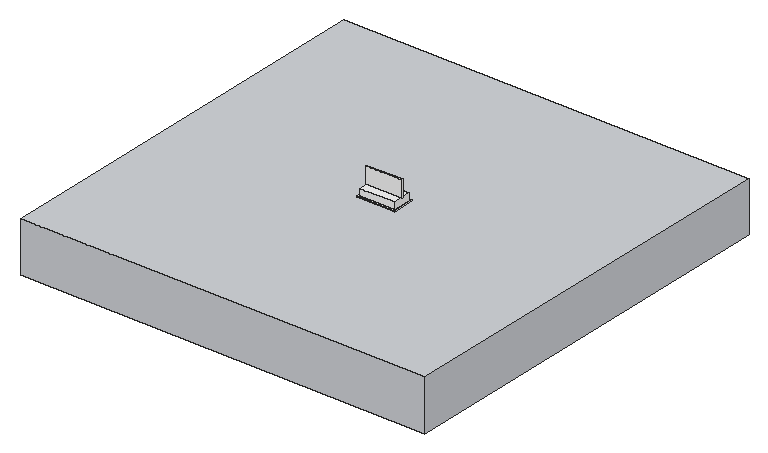
Revit family "URA_Eclairage_de_Securite_URAONE", category Luminaires, Revit 2020
Family settings
  Hôte = Face
  Cote de connecteur circulaire = Utiliser le diamètre
  Type d'élément = Normal
  Couper avec des vides une fois chargée = Non
  Source d'éclairage = Oui
  Partagée = Non
  Point de calcul de pièce = Non
Parameters (values of type "BAES URAONE EVAC ADR LEDS")
  built-in parameter 1150107 = 3000 (stored number, unit not read)
  TYPE_DE_TENSION = "CA"
  TYPE_DE_MONTAGE = "pose murale en saillie"
  TYPE_DE_COMMUTATION = "mode veille"
  TENSION_NOMINALE_(MIN) = "207"
  TENSION_NOMINALE_(MAX) = "253"
  SOURCE_LUMINEUSE = "LED non interchangeable"
  RESERVE_DE_MARCHE = "1"
  REF_BATTERIE_DE_RECHANGE = "111906"
  REFERENCE_PORTE PICTOGRAMME [instance] = if(PORTE PICTOGRAMME URAONE, 168202, 0)  # 168202
  REFERENCE_ENJOLIVEUR [instance] = if(NOMBRE_ENJOLIVEUR = 1, if(ENJOLIVEUR GRIS URAONE, 168204, 168203), 0)  # 168203
  REFERENCE_ARTICLE = 112013
  Wattage = 9.2903 W
  built-in parameter 1150110 = 1 (stored number, unit not read)
  built-in parameter 1150109 = 1 (stored number, unit not read)
  built-in parameter 1114218 = 1 (stored number, unit not read)
  built-in parameter 1150113 = 1 (stored number, unit not read)
  built-in parameter 1150112 = 1 (stored number, unit not read)
  PUISSANCE_DE_LA_LAMPE = "0.5"
  PROFONDEUR_D'ENCASTREMENT = ""
  PORTE PICTOGRAMME URAONE [instance] = yes
  NOMBRE_ENJOLIVEUR [instance] = if(ENJOLIVEUR BLANC URAONE, 1, 0) + if(ENJOLIVEUR GRIS URAONE, 1, 0)  # 1
  built-in parameter 1150137 = (empty or 0)
  built-in parameter 1150132 = 2
  MATERIAU_DU_COUVERCLE = "plastique transparent"
  MATERIAU_DU_BOITIER = "plastique"
  LONGUEUR_D'ENCASTREMENT = ""
  LONGUEUR = "210"
  LARGEUR_DE_MONTAGE = ""
  LARGEUR = "110"
  built-in parameter 1150105 = 109.82 (stored number, unit not read)
  built-in parameter 1150102 = (empty or 0)
  INSTALLATION_DE_SURVEILLANCE = "auto-test automatique"
  HAUTEUR/PROFONDEUR = "41"
  Dimming Lamp Color Temperature Shift = (empty or 0)
  Lumens = 1380 lm
  Color Filter = 16777215
  Fichier de distribution photométrique = "generic"
  built-in parameter 1114217 = 1 (stored number, unit not read)
  built-in parameter 1150139 = (empty or 0)
  FORMAT_PRODUIT = "rectangle"
  FONCTION = "Evac"
  FLUX_LUMINEUX_EN_MODE_D'URGENCE = "45"
  FLUX_LUMINEUX_EFFICACE = ""
  Default Elevation = 1219.2 mm
  built-in parameter 1150104 = 13.8 (stored number, unit not read)
  built-in parameter 1150106 = 1.0982 (stored number, unit not read)
  ETAT_DES_ACCUS = "NiCd"
  ENJOLIVEUR GRIS URAONE [instance] = no
  ENJOLIVEUR BLANC URAONE [instance] = yes
  built-in parameter 1150115 = 1 (stored number, unit not read)
  built-in parameter 1150114 = 1 (stored number, unit not read)
  DUREE_DE_GARANTIE_BAES_COMPLET = "2"
  DISTANCE_DE_RECONNAISSANCE = "15"
  DIAMETRE_EXTERNE = ""
  DIAMETRE_D'ENCASTREMENT = ""
  DESIGNATION_PORTE PICTOGRAMME [instance] = if(PORTE PICTOGRAMME URAONE, "PORTE PICTROGRAMME URAONE", "0")  # "PORTE PICTROGRAMME URAONE"
  DESIGNATION_ENJOLIVEUR [instance] = if(NOMBRE_ENJOLIVEUR = 1, if(ENJOLIVEUR GRIS URAONE, "ENJOLIVEUR GRIS URAONE", "ENJOLIVEUR BLANC URAONE"), "0")  # "ENJOLIVEUR BLANC URAONE"
  DESIGNATION_ARTICLE = "BAES URAONE EVAC ADR LEDS"
  built-in parameter 1150138 = (empty or 0)
  built-in parameter 1150134 = (empty or 0)
  Condition Générale d'Utilisation = "https://export.legrand.com/CGU-objets-BIM"
  COULEUR_DU_BOITIER = "blanc"
  CLASSE_DE_PROTECTION_(IP) = "IP42"
  CLASSE_DE_PROTECTION = "II"
  CATEGORIE_PRODUIT = "Autonome"
  built-in parameter 1150142 = (empty or 0)
  Angle de l'inclinaison = 60.00°
  ALIMENTATION = "décentralisé (batterie individuelle)"
  ADAPTE_AU_TYPE_DE_MARQUAGE = "feuillet/plaque inséré(e)"
  built-in parameter 1150133 = 10 (stored number, unit not read)
Types (18, lengths in mm): name | TYPE_DE_TENSION | TYPE_DE_MONTAGE | TYPE_DE_COMMUTATION | TENSION_NOMINALE_(MIN) | TENSION_NOMINALE_(MAX) | SOURCE_LUMINEUSE | RESERVE_DE_MARCHE | REF_BATTERIE_DE_RECHANGE | REFERENCE_ARTICLE | PUISSANCE_DE_LA_LAMPE | MATERIAU_DU_COUVERCLE | LONGUEUR | LARGEUR | HAUTEUR/PROFONDEUR | FONCTION | FLUX_LUMINEUX_EN_MODE_D'URGENCE | ETAT_DES_ACCUS | DISTANCE_DE_RECONNAISSANCE | DESIGNATION_ARTICLE | CATEGORIE_PRODUIT | ALIMENTATION | ADAPTE_AU_TYPE_DE_MARQUAGE
  BAES URAONE EVAC SATI LEDS | "CA" | "pose murale en saillie" | "mode veille" | "207" | "253" | "LED non interchangeable" | "1" | "111906" | 111013 | "0.5" | "plastique transparent" | "210" | "110" | "41" | "Evac" | "45" | "NiCd" | "15" | "BAES URAONE EVAC SATI LEDS" | "Autonome" | "décentralisé (batterie individuelle)" | "feuillet/plaque inséré(e)"
  BAES URAONE AMBIANCE SATI LEDS | "CA" | "pose murale en saillie" | "mode veille" | "207" | "253" | "LED non interchangeable" | "1" | "111907" | 111227 | "4" | "plastique transparent" | "210" | "110" | "41" | "Amb" | "320" | "NiMh" | "15" | "BAES URAONE AMBIANCE SATI LEDS" | "Autonome" | "décentralisé (batterie individuelle)" | ""
  BAES + BAEH URAONE SATI | "CA" | "pose murale en saillie" | "mode veille" | "207" | "253" | "LED non interchangeable" | "1" | "2*111906" | 111248 | "0.72" | "plastique transparent" | "210" | "110" | "41" | "BAES+BAEH" | "45" | "NiCd" | "15" | "BAES + BAEH URAONE SATI" | "Autonome" | "décentralisé (batterie individuelle)" | "feuillet/plaque inséré(e)"
  BAES + DBR URAONE SATI | "CA" | "pose murale en saillie" | "mode veille" | "207" | "253" | "LED non interchangeable" | "1" | "111901" | 111257 | "1" | "plastique transparent" | "210" | "110" | "41" | "DBR" | "45" | "NiCd" | "15" | "BAES + DBR URAONE SATI" | "Autonome" | "décentralisé (batterie individuelle)" | "feuillet/plaque inséré(e)"
  BAES URALIGHT AMB ADR | "CA" | "pose murale en saillie" | "mode veille" | "207" | "253" | "lampe fluorescente" | "1" | "186003" | 112002 | "8" | "plastique transparent" | "336" | "147.8" | "74.75" | "Amb" | "360" | "NiCd" | "15" | "BAES URALIGHT AMB ADR" | "Autonome" | "décentralisé (batterie individuelle)" | ""
  BAES URAONE EVAC ADR LEDS | "CA" | "pose murale en saillie" | "mode veille" | "207" | "253" | "LED non interchangeable" | "1" | "111906" | 112013 | "0.5" | "plastique transparent" | "210" | "110" | "41" | "Evac" | "45" | "NiCd" | "15" | "BAES URAONE EVAC ADR LEDS" | "Autonome" | "décentralisé (batterie individuelle)" | "feuillet/plaque inséré(e)"
  BAES URAONE AMBIANCE ADR LEDS | "CA" | "pose murale en saillie" | "mode veille" | "207" | "253" | "LED non interchangeable" | "1" | "111907" | 112229 | "4" | "plastique transparent" | "210" | "110" | "41" | "Amb" | "230" | "NiMh" | "15" | "BAES URAONE AMBIANCE ADR LEDS" | "Autonome" | "décentralisé (batterie individuelle)" | ""
  BAES + BAEH URAONE ADR | "CA" | "pose murale en saillie" | "mode veille" | "207" | "253" | "LED non interchangeable" | "1" | "2*111906" | 112249 | "0.72" | "plastique transparent" | "210" | "110" | "41" | "BAES+BAEH" | "45" | "NiCd" | "15" | "BAES + BAEH URAONE ADR" | "Autonome" | "décentralisé (batterie individuelle)" | "feuillet/plaque inséré(e)"
  BAES + DBR URAONE ADR | "CA" | "pose murale en saillie" | "mode veille" | "207" | "253" | "LED non interchangeable" | "1" | "111901" | 112259 | "1" | "plastique transparent" | "210" | "110" | "41" | "DBR" | "45" | "NiCd" | "15" | "BAES + DBR URAONE ADR" | "Autonome" | "décentralisé (batterie individuelle)" | "feuillet/plaque inséré(e)"
  BAEH URAONE SATI LEDS | "CA" | "pose murale en saillie" | "mode veille" | "207" | "253" | "LED non interchangeable" | "5" | "111906" | 113013 | "0.09" | "plastique transparent" | "210" | "110" | "41" | "BAEH" | "8" | "NiCd" | "15" | "BAEH URAONE SATI LEDS" | "Autonome" | "décentralisé (batterie individuelle)" | "feuillet/plaque inséré(e)"
  BAEH URAONE ADR LEDS | "CA" | "pose murale en saillie" | "mode veille" | "207" | "253" | "LED non interchangeable" | "5" | "111906" | 113023 | "0.09" | "plastique transparent" | "210" | "110" | "41" | "BAEH" | "8" | "NiCd" | "15" | "BAEH URAONE ADR LEDS" | "Autonome" | "décentralisé (batterie individuelle)" | "feuillet/plaque inséré(e)"
  BAES URAONE EVAC AUTODIAG LEDS | "CA" | "pose murale en saillie" | "mode veille" | "207" | "253" | "LED non interchangeable" | "1" | "111906" | 113218 | "0.5" | "plastique transparent" | "210" | "110" | "41" | "Evac" | "45" | "NiCd" | "15" | "BAES URAONE EVAC AUTODIAG LEDS" | "Autonome" | "décentralisé (batterie individuelle)" | "feuillet/plaque inséré(e)"
  BAES URAONE AMB AUTODIAG LEDS | "CA" | "pose murale en saillie" | "mode veille" | "207" | "253" | "LED non interchangeable" | "1" | "111907" | 113228 | "4" | "plastique transparent" | "210" | "110" | "41" | "Amb" | "320" | "NiMh" | "15" | "BAES URAONE AMB AUTODIAG LEDS" | "Autonome" | "décentralisé (batterie individuelle)" | ""
  BAEH URAONE AUTODIAG LEDS | "CA" | "pose murale en saillie" | "mode veille" | "207" | "253" | "LED non interchangeable" | "5" | "111906" | 113238 | "0.09" | "plastique transparent" | "210" | "110" | "41" | "BAEH" | "8" | "NiCd" | "15" | "BAEH URAONE AUTODIAG LEDS" | "Autonome" | "décentralisé (batterie individuelle)" | "feuillet/plaque inséré(e)"
  BAES + BAEH URAONE AUTODIAG | "CA" | "pose murale en saillie" | "mode veille" | "207" | "253" | "LED non interchangeable" | "1" | "2*111906" | 113248 | "0.72" | "plastique transparent" | "210" | "110" | "41" | "BAES+BAEH" | "45" | "NiCd" | "15" | "BAES + BAEH URAONE AUTODIAG" | "Autonome" | "décentralisé (batterie individuelle)" | "feuillet/plaque inséré(e)"
  URAONE DBR (BAES+DBR) AUTODIAG tout LEDs | "CA" | "montage en saillie/encastrement" | "circuit permanent/circuit de secours" | "207" | "253" | "LED non interchangeable" | "1" | "111901" | 113258 | "12" | "verre transparent" | "210" | "110" | "41" | "DBR" | "45" | "NiCd" | "" | "URAONE DBR (BAES+DBR) AUTODIAG tout LEDs" | "Autonome" | "central (batterie centrale)" | ""
  LSC URAONE AMBIANCE 110/230 | "CA/CC" | "montage en saillie/encastrement" | "circuit permanent/circuit de secours" | "110" | "230" | "LED non interchangeable" | "" | "" | 122224 | "4" | "plastique transparent" | "210" | "110" | "41" | "Amb" | "320" | "non applicable" | "15" | "LSC URAONE AMBIANCE 110/230" | "LSC" | "central (batterie centrale)" | ""
  LSC URAONE AMBIANCE 24/48 | "CC" | "montage en saillie/encastrement" | "circuit permanent/circuit de secours" | "24" | "48" | "LED non interchangeable" | "" | "" | 122225 | "4" | "plastique transparent" | "210" | "110" | "41" | "Amb" | "320" | "non applicable" | "15" | "LSC URAONE AMBIANCE 24/48" | "LSC" | "central (batterie centrale)" | ""
Reference planes
  plane 1 "Centre (avant/arrière)": y = 0
  plane 2: z = 0
  plane 3 "Centre (gauche/droite)": x = 0
  plane 4: x = -105
  plane 5: y = 55
  plane 6: y = -55
  plane 7: x = 105
Forms (mm)
  Extrusion 1, solid
    sketch origin (0, 0, 0) x (1, 0, 0) y (0, 1, 0)
      loop
        line (-1219.2, 1219.2) -> (-1219.2, -1219.2) -> (1219.2, -1219.2) -> (1219.2, 1219.2) -> (-1219.2, 1219.2)
    from 0 to -304.8
  Extrusion 2, solid, material "Blanc"
    sketch origin (0, 0, 0) x (1, 0, 0) y (0, 1, 0)
      loop
        line (-105, 55) -> (-105, -55) -> (105, -55) -> (105, 55) -> (-105, 55)
    from 0 to 42
  Extrusion 3, solid, material "Blanc"
    sketch origin (0, 0, 59) x (1, 0, 0) y (0, 1, 0)
      loop
        line (-105, 55) -> (-105, -55) -> (105, -55) -> (105, 55) -> (-105, 55)
      loop
        line (-115, 65) -> (-115, -65) -> (115, -65) -> (115, 65) -> (-115, 65)
    from -59 to -53.885
  Extrusion 4, solid, material "Blanc"
    sketch origin (0, 0, 0) x (0, 1, 0) y (0, 0, 1)
      loop
        line (-2.223, 42) -> (2.223, 42) -> (2.223, 141) -> (-2.223, 141) -> (-2.223, 42)
    from -107.3 to 107.3
Dimensions and locks
  equal spacing: plane 4, plane 3 "Centre (gauche/droite)", plane 7
  equal spacing: plane 5, plane 1 "Centre (avant/arrière)", plane 6
  plane 5 to plane 6 = 110 mm
  plane 4 to plane 7 = 210 mm
  aligned and locked: plane 2 to Extrusion 1
  aligned and locked: level to Extrusion 1
  aligned and locked: Extrusion 2 sketch curve to plane 5
  aligned and locked: plane 4 to Extrusion 2 sketch curve
  aligned and locked: plane 6 to Extrusion 2 sketch curve
  aligned and locked: Extrusion 2 sketch curve to plane 7
  aligned and locked: Extrusion 3 to level
  aligned and locked: plane 3 "Centre (gauche/droite)" to nested 1
  aligned and locked: plane 1 "Centre (avant/arrière)" to nested 1
Automatic sketch dimensions
  Extrusion 1 sketch curve to Extrusion 1 sketch curve = 2438.4 mm  (x2)
  Extrusion 3 sketch curve to Extrusion 2 = 0 mm  (x4)
  Extrusion 2 to Extrusion 3 sketch curve = 10 mm  (x4)
  Extrusion 4 sketch curve to plane 1 "Centre (avant/arrière)" = 2.223 mm
  Extrusion 4 sketch curve to Extrusion 4 sketch curve = 4.446 mm
  level to Extrusion 4 sketch curve = 42 mm
  Extrusion 4 sketch curve to Extrusion 4 sketch curve = 99 mm
Nested families
  nested 1: "168156_PMR FB" at (0, 0, 42), type "168156_PMR FB"
Connectors
  electrical at (0, 0, 0)
    settings: on Extrusion 2, index 1, voltage 0 V, apparent load 0 VA, apparent load phase1 0 VA, apparent load phase2 0 VA, apparent load phase3 0 VA, power factor 1, load classification "Autre", number of poles 1, system type 31, power factor state 1, is connector primary yes, connector utility no, sub classification motor no, connector description ""
Definition of nested family "168156_PMR FB"
  Reference planes
    plane 1 "Centre (avant/arrière)": y = 0
    plane 2: z = 0
    plane 3 "Centre (gauche/droite)": x = 0
  Lines and regions (mm)
    Filled region 1, type "Vert", in view "Niveau de réf."
      outline origin (0, 0, 0) x (1, 0, 0) y (0, 1, 0)
        loop
          line (103, 52.5) -> (-103, 52.5) -> (-103, -52.5) -> (103, -52.5) -> (103, 52.5)
        loop
          line (-13.037, 44.828) -> (-74.649, 44.828) -> (-74.649, -47.797) -> (-13.037, -47.797) -> (-13.037, 44.828)
        loop
          arc (-55.353, 16.558) -> (-49.007, 28.442) -> (-61.078, 22.46) r 7.073
          line (-61.078, 22.46) -> (-54.879, -4.049) -> (-36.963, -4.049) -> (-25.928, -21.979) -> (-17.14, -17.561) -> (-18.854, -14.11) -> (-23.813, -16.561) -> (-33.622, -0.372) -> (-51.248, -0.372) -> (-51.926, 2.724) -> (-37.694, 2.724) -> (-37.694, 6.561) -> (-53.02, 6.594) -> (-55.353, 16.558)
        loop
          arc (-59.255, 5.4) -> (-61.481, -26.706) -> (-30.449, -18.173) r 19.724
          line (-30.449, -18.173) -> (-33.986, -12.788)
          arc (-33.986, -12.788) -> (-56.2, -24.737) -> (-58.27, 0.402) r 15.075
          line (-58.27, 0.402) -> (-59.255, 5.4)
        loop
          line (59.755, -4.113) -> (59.755, 40.542) -> (38.132, 40.542) -> (38.132, -4.113) -> (17.861, 13.514) -> (17.861, -13.514) -> (48.944, -40.542) -> (80.026, -13.514) -> (80.026, 13.514) -> (59.755, -4.113)
    model lines, in view "Niveau de réf."
      curve 1: line (-74.649, -47.797, 0) -> (-13.037, -47.797, 0)
      curve 2: line (-13.037, -47.797, 0) -> (-13.037, 44.828, 0)
      curve 3: line (-13.037, 44.828, 0) -> (-74.649, 44.828, 0)
      curve 4: line (48.944, -40.542, 0) -> (80.026, -13.514, 0)
      curve 5: line (80.026, -13.514, 0) -> (80.026, 13.514, 0)
      curve 6: line (80.026, 13.514, 0) -> (59.755, -4.113, 0)
      curve 7: line (59.755, -4.113, 0) -> (59.755, 40.542, 0)
      curve 8: line (59.755, 40.542, 0) -> (38.132, 40.542, 0)
      curve 9: line (38.132, 40.542, 0) -> (38.132, -4.113, 0)
      curve 10: line (38.132, -4.113, 0) -> (17.861, 13.514, 0)
      curve 11: line (17.861, 13.514, 0) -> (17.861, -13.514, 0)
      curve 12: line (17.861, -13.514, 0) -> (48.944, -40.542, 0)
      curve 13: arc (-59.255, 5.4, 0) -> (-61.481, -26.706, 0) -> (-30.449, -18.173, 0) r 19.724
      curve 14: arc (-58.27, 0.402, 0) -> (-56.2, -24.737, 0) -> (-33.986, -12.788, 0) r 15.075
      curve 15: arc (-55.353, 16.558, 0) -> (-49.007, 28.442, 0) -> (-61.078, 22.46, 0) r 7.073
      curve 16: line (103, -52.5, 0) -> (103, 52.5, 0)
      curve 17: line (103, 52.5, 0) -> (-103, 52.5, 0)
      curve 18: line (-103, 52.5, 0) -> (-103, -52.5, 0)
      curve 19: line (-103, -52.5, 0) -> (103, -52.5, 0)
      curve 20: line (-74.649, -47.797, 0) -> (-74.649, 44.828, 0)
      curve 21: line (-55.353, 16.558, 0) -> (-53.02, 6.594, 0)
      curve 22: line (-53.02, 6.594, 0) -> (-37.694, 6.561, 0)
      curve 23: line (-37.694, 6.561, 0) -> (-37.694, 2.724, 0)
      curve 24: line (-37.694, 2.724, 0) -> (-51.926, 2.724, 0)
      curve 25: line (-51.926, 2.724, 0) -> (-51.248, -0.372, 0)
      curve 26: line (-51.248, -0.372, 0) -> (-33.622, -0.372, 0)
      curve 27: line (-33.622, -0.372, 0) -> (-23.813, -16.561, 0)
      curve 28: line (-59.255, 5.4, 0) -> (-58.27, 0.402, 0)
      curve 29: line (-61.078, 22.46, 0) -> (-54.879, -4.049, 0)
      curve 30: line (-54.879, -4.049, 0) -> (-36.963, -4.049, 0)
      curve 31: line (-36.963, -4.049, 0) -> (-25.928, -21.979, 0)
      curve 32: line (-25.928, -21.979, 0) -> (-17.14, -17.561, 0)
      curve 33: line (-17.14, -17.561, 0) -> (-18.854, -14.11, 0)
      curve 34: line (-18.854, -14.11, 0) -> (-23.813, -16.561, 0)
      curve 35: line (-33.986, -12.788, 0) -> (-30.449, -18.173, 0)
